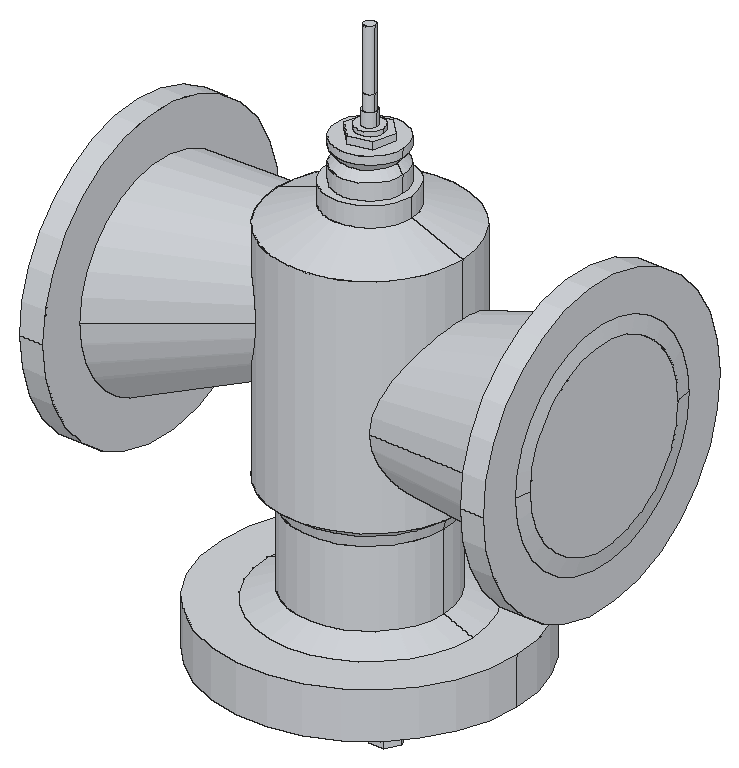
Revit family "2FGB-B_PN16_DN100_RFA_2018", category Pipe Accessories, Revit 2018
Family settings
  Round Connector Dimension = Use Diameter
  Part Type = Valve - Breaks Into
  Work Plane-Based = No
  Always vertical = Yes
  Cut with Voids When Loaded = No
  Shared = No
Parameters (values of type "2FGB-B PN16 DN100")
  magiProductId = ""
  magiProductFamilyId = ""
  magiPartTypeId = 306
  isMeasuringValve [instance] = no
  ang2D [instance] = 0.00°
  Z9 = 4.165 mm
  Z8 = 5.602 mm
  Z7 = 3 mm
  Z6 = 5.95 mm
  Z5 = 5.95 mm
  Z4 = 11.9 mm
  Z3 = 168.575 mm
  Z19 = 9.767 mm
  Z15 = 40.775 mm
  Z14__ve = -Z14  # -14.562 mm
  Z14 = 14.562 mm
  Z13 = 8.12 mm
  Z12 = 56.84 mm
  Z10 = 5.082 mm
  X4 = 34.6 mm
  X2__ve = -X2  # -17.3 mm
  X2 = 17.3 mm
  X1 = 2 mm
  W2D = 100 mm
  VersionID = ""
  Use Minimum Symbol Size [instance] = yes
  URL = "www.hydronix.cz"
  Type Comments = "Přírubový; EQM charakteristika; PN16; -10~+150°C; tlakově vyvážená kuželka"
  R9 = 4 mm
  R7 = 10.089 mm
  R6 = 16.816 mm
  R5 = 19.93 mm
  R4 = 24.912 mm
  R3 = 31.14 mm
  R2 = 57.375 mm
  R13 = 55.08 mm
  R12 = 5.297 mm
  R1 = 45.9 mm
  QmdConnectorList = "301;D;302;D"
  Productdata [instance] = "2FGB100B (DN100; PN16; kvs130; tlakově vyvážená kuželka)"
  Manufacturer = "Hydronix"
  Maintenance Zone Under Depth [instance] = 207 mm
  Maintenance Zone Right Depth [instance] = 175 mm
  Maintenance Zone Over Depth [instance] = 221 mm
  Maintenance Zone Left Depth [instance] = 175 mm
  Maintenance Zone Front Depth [instance] = 110 mm
  Maintenance Zone Back Depth [instance] = 110 mm
  Maintenance Zone Front Visibility [instance] = no
  LT2 = 175 mm
  L2D_Min = 3048 mm
  L2D = 350 mm
  HCDT2 = 76.5 mm
  H4 = 207 mm
  H3 = 116.5 mm
  H2 = 45 mm
  FDT2 = 110 mm
  Description = "2 cestný regulační ventil přírubový; DN100; PN16; kvs130; zdvih 45mm"
  D4 = 68.85 mm
  D3 = 81 mm
  D2 = 69.2 mm
  D = 100 mm
  CenSd_R6_6 = R6 * cos(30.00°)  # 14.563 mm
  CenSd_A_6 = A * cos(30.00°)  # 9.526 mm
  Clearance Zone Height Depth [instance] = 221 mm
  CZONC [instance] = 175 mm
  Clearance Zone Visibility [instance] = no
  B1 = 63.64 mm
  A = 11 mm
Types (5, lengths in mm): name | Z9 | Z8 | Z6 | Z5 | Z4 | Z3 | Z19 | Z15 | Z14__ve | Z14 | Z13 | Z12 | Z10 | X4 | X2__ve | X2 | W2D | R7 | R6 | R5 | R4 | R3 | R2 | R13 | R12 | R1 | Productdata | LT2 | L2D | HCDT2 | H4 | H3 | H2 | FDT2 | Description | D4 | D3 | D2 | D | CenSd_R6_6 | CenSd_A_6 | B1 | A
  2FGB-B PN16 DN100 | 4.165 | 5.602 | 5.95 | 5.95 | 11.9 | 168.575 | 9.767 | 40.775 | -14.562 | 14.562 | 8.12 | 56.84 | 5.082 | 34.6 | -17.3 | 17.3 | 100 | 10.089 | 16.816 | 19.93 | 24.912 | 31.14 | 57.375 | 55.08 | 5.297 | 45.9 | "2FGB100B (DN100; PN16; kvs130; tlakově vyvážená kuželka)" | 175 | 350 | 76.5 | 207 | 116.5 | 45 | 110 | "2 cestný regulační ventil přírubový; DN100; PN16; kvs130; zdvih 45mm" | 68.85 | 81 | 69.2 | 100 | 14.563 | 9.526 | 63.64 | 11
  2FGB-B PN16 DN080 | 4.2 | 5.7 | 6 | 6 | 12 | 151.95 | 9.9 | 36.75 | -13.125 | 13.125 | 7.32 | 51.24 | 5.1 | 30.6 | -15.3 | 15.3 | 80 | 8.923 | 14.872 | 17.626 | 22.032 | 27.54 | 49.875 | 47.88 | 4.685 | 39.9 | "2FGB80B (DN80; PN16; kvs100; tlakově vyvážená kuželka)" | 155 | 310 | 66.5 | 187 | 105 | 45 | 100 | "2 cestný regulační ventil přírubový; DN80; PN16; kvs100; zdvih 45mm" | 60.35 | 71 | 61.2 | 80 | 12.879 | 8.66 | 56.569 | 10
  2FGB-B PN16 DN065 | 4.2 | 5.7 | 6 | 6 | 12 | 139.45 | 9.9 | 33.25 | -11.875 | 11.875 | 6.82 | 47.74 | 5.1 | 28.6 | -14.3 | 14.3 | 65 | 8.34 | 13.9 | 16.474 | 20.592 | 25.74 | 44.25 | 42.48 | 4.378 | 35.4 | "2FGB65B (DN65; PN16; kvs63; tlakově vyvážená kuželka)" | 145 | 290 | 59 | 175 | 95 | 25 | 92.5 | "2 cestný regulační ventil přírubový; DN65; PN16; kvs63; zdvih 25mm" | 53.975 | 63.5 | 57.2 | 65 | 12.037 | 8.011 | 51.265 | 9.25
  2FGB-B PN16 DN150 | 4.2 | 5.7 | 6 | 6 | 12 | 227.45 | 9.9 | 54.95 | -19.625 | 19.625 | 10.97 | 76.79 | 5.1 | 47.6 | -23.8 | 23.8 | 150 | 13.88 | 23.134 | 27.418 | 34.272 | 42.84 | 77.625 | 74.52 | 7.287 | 62.1 | "2FGB150B (DN150; PN16; kvs300; tlakově vyvážená kuželka)" | 240 | 480 | 103.5 | 277 | 157 | 45 | 142.5 | "2 cestný regulační ventil přírubový; DN150; PN16; kvs300; zdvih 45mm" | 92.65 | 109 | 95.2 | 150 | 20.034 | 12.341 | 84.853 | 14.25
  2FGB-B PN16 DN125 | 4.2 | 5.7 | 6 | 6 | 12 | 196.45 | 9.9 | 48.65 | -17.375 | 17.375 | 9.22 | 64.54 | 5.1 | 39.6 | -19.8 | 19.8 | 125 | 11.547 | 19.246 | 22.81 | 28.512 | 35.64 | 68.625 | 65.88 | 6.062 | 54.9 | "2FGB125B (DN125; PN16; kvs200; tlakově vyvážená kuželka)" | 200 | 400 | 91.5 | 234 | 139 | 45 | 125 | "2 cestný regulační ventil přírubový; DN125; PN16; kvs200; zdvih 45mm" | 81.6 | 96 | 79.2 | 125 | 16.667 | 10.825 | 74.246 | 12.5
Reference planes
  plane 1 "Center (Front/Back)": y = 0
  plane 2 "XYPLANE": z = 0
  plane 3 "Center (Left/Right)": x = 0
  plane 4 "234": y = -63.64
  plane 5 "233": x = 63.64
  plane 6 "232": x = -63.64
  plane 7 "231": y = 63.64
  plane 8 "225": z = -197
  plane 9 "223": z = 221
  plane 10 "221": x = -175
  plane 11 "220": x = 175
  plane 12 "219": y = -110
  plane 13 "218": y = 110
  plane 14 "196": z = -207
  plane 15 "182": z = 176
  plane 16 "161": z = 164.1
  plane 17 "158": z = 158.498
  plane 18 "150": z = 154.333
  plane 19 "148": z = 151.333
  plane 20 "142": z = 146.25
  plane 21 "136": z = 140.3
  plane 22 "135": z = 134.35
  plane 23 "131": z = 128.4
  plane 24 "78": z = 87.375
  plane 25 "77": z = 101.937
  plane 26 "74": z = 116.5
  plane 27 "70": z = -81.2
  plane 28 "65": z = -89.32
  plane 29 "64": z = -97.44
  plane 30 "58": z = -154.28
  plane 31 "57": z = -162.4
  plane 32 "46": z = -207
  plane 33 "28": x = 155.7
  plane 34 "27": x = 173
  plane 35 "21": z = -20
  plane 36 "16": z = 40.775
  plane 37 "13": x = -155.7
  plane 38 "7": x = -173
  plane 39 "6": x = 175
  plane 40 "5": x = -175
  plane 41 "3": y = 0
  plane 42 "2": z = 0
  plane 43 "1": x = 0
Forms (mm)
  Extrusion 1, solid
    sketch origin (-750, 0, -207) x (1, 0, 0) y (0, 1, 0)
      loop
        line (824.64, -63.64) -> (819.14, -54.113) -> (808.14, -54.113) -> (802.64, -63.64) -> (808.14, -73.166) -> (819.14, -73.166) -> (824.64, -63.64)
    from 0 to 10
  Extrusion 2, solid
    sketch origin (-750, 0, -207) x (1, 0, 0) y (0, 1, 0)
      loop
        line (697.36, -63.64) -> (691.86, -54.113) -> (680.86, -54.113) -> (675.36, -63.64) -> (680.86, -73.166) -> (691.86, -73.166) -> (697.36, -63.64)
    from 0 to 10
  Extrusion 3, solid
    sketch origin (-750, 0, -207) x (1, 0, 0) y (0, 1, 0)
      loop
        line (824.64, 63.64) -> (819.14, 73.166) -> (808.14, 73.166) -> (802.64, 63.64) -> (808.14, 54.113) -> (819.14, 54.113) -> (824.64, 63.64)
    from 0 to 10
  Extrusion 4, solid
    sketch origin (-750, 0, -207) x (1, 0, 0) y (0, 1, 0)
      loop
        line (697.36, 63.64) -> (691.86, 73.166) -> (680.86, 73.166) -> (675.36, 63.64) -> (680.86, 54.113) -> (691.86, 54.113) -> (697.36, 63.64)
    from 0 to 10
  Blend 5, solid, visible <- "Maintenance Zone Front Visibility"
    base sketch origin (-750, 0, 221) x (1, 0, 0) y (0, 1, 0)
      loop
        line (575, 110) -> (575, -110) -> (925, -110) -> (925, 110) -> (575, 110)
    top sketch origin (-750, 0, 221) x (1, 0, 0) y (0, 1, 0)
      loop
        line (575, 110) -> (575, -110) -> (925, -110) -> (925, 110) -> (575, 110)
    from 0 to -428
  Extrusion 6, solid, visible <- "Clearance Zone Visibility"
    sketch origin (-750, 0, 0) x (1, 0, 0) y (0, 1, 0)
      loop
        circle (750, 0) r 175
    from 0 to 221 <- "Clearance Zone Height Depth"
  Extrusion 7, solid
    sketch origin (-750, 0, 154.333) x (1, 0, 0) y (0, 1, 0)
      loop
        circle (750, 0) r 5.297
    from 0 to 9.767 <- "Z19"
  Extrusion 8, solid
    sketch origin (-750, 0, 176) x (1, 0, 0) y (0, 1, 0)
      loop
        circle (750, 0) r 4
    from 0 to 45 <- "H2"
  Extrusion 9, solid
    sketch origin (-750, 0, 164.1) x (1, 0, 0) y (0, 1, 0)
      loop
        circle (750, 0) r 4
    from 0 to 11.9 <- "Z4"
  Extrusion 10, solid
    sketch origin (-750, 0, 151.333) x (1, 0, 0) y (0, 1, 0)
      loop
        circle (750, 0) r 10.089
    from 0 to 3 <- "Z7"
  Extrusion 11, solid
    sketch origin (-750, 0, 146.25) x (1, 0, 0) y (0, 1, 0)
      loop
        line (761.89, -11.89) -> (766.243, 4.352) -> (754.352, 16.243) -> (738.11, 11.89) -> (733.757, -4.352) -> (745.648, -16.243) -> (761.89, -11.89)
    from 0 to 5.082 <- "Z10"
  Extrusion 12, solid
    sketch origin (-750, 0, 140.3) x (1, 0, 0) y (0, 1, 0)
      loop
        circle (750, 0) r 24.912
    from 0 to 5.95 <- "Z6"
  Blend 13, solid
    base sketch origin (-750, 0, 134.35) x (1, 0, 0) y (0, 1, 0)
      loop
        circle (750, 0) r 19.93
    top sketch origin (-750, 0, 134.35) x (1, 0, 0) y (0, 1, 0)
      loop
        circle (750, 0) r 24.912
    from 0 to 5.95
  Blend 14, solid
    base sketch origin (-750, 0, 128.4) x (1, 0, 0) y (0, 1, 0)
      loop
        circle (750, 0) r 24.912
    top sketch origin (-750, 0, 128.4) x (1, 0, 0) y (0, 1, 0)
      loop
        circle (750, 0) r 19.93
    from 0 to 5.95
  Extrusion 15, solid
    sketch origin (-750, 0, 116.5) x (1, 0, 0) y (0, 1, 0)
      loop
        circle (750, 0) r 24.912
    from 0 to 11.9 <- "Z4"
  Extrusion 16, solid
    sketch origin (-750, 0, 116.5) x (1, 0, 0) y (0, 1, 0)
      loop
        circle (750, 0) r 31.14
    from 0 to -14.562 <- "Z14__ve"
  Blend 17, solid
    base sketch origin (-750, 0, 87.375) x (1, 0, 0) y (0, 1, 0)
      loop
        circle (750, 0) r 69.2
    top sketch origin (-750, 0, 87.375) x (1, 0, 0) y (0, 1, 0)
      loop
        circle (750, 0) r 31.14
    from 0 to 14.563
  Blend 18, solid
    base sketch origin (-750, 0, -89.32) x (1, 0, 0) y (0, 1, 0)
      loop
        circle (750, 0) r 57.375
    top sketch origin (-750, 0, -89.32) x (1, 0, 0) y (0, 1, 0)
      loop
        circle (750, 0) r 69.2
    from 0 to 8.12
  Blend 19, solid
    base sketch origin (-750, 0, -97.44) x (1, 0, 0) y (0, 1, 0)
      loop
        circle (750, 0) r 55.08
    top sketch origin (-750, 0, -97.44) x (1, 0, 0) y (0, 1, 0)
      loop
        circle (750, 0) r 57.375
    from 0 to 8.12
  Extrusion 20, solid
    sketch origin (-750, 0, -154.28) x (1, 0, 0) y (0, 1, 0)
      loop
        circle (750, 0) r 55.08
    from 0 to 56.84 <- "Z12"
  Blend 21, solid
    base sketch origin (-750, 0, -162.4) x (1, 0, 0) y (0, 1, 0)
      loop
        circle (750, 0) r 76.5
    top sketch origin (-750, 0, -162.4) x (1, 0, 0) y (0, 1, 0)
      loop
        circle (750, 0) r 55.08
    from 0 to 8.12
  Extrusion 22, solid
    sketch origin (-750, 0, -197) x (1, 0, 0) y (0, 1, 0)
      loop
        circle (750, 0) r 110
    from 0 to 34.6 <- "X4"
  Blend 23, solid
    base sketch origin (173, -750, 0) x (0, 1, 0) y (0, 0, 1)
      loop
        circle (750, 0) r 81
    top sketch origin (173, -750, 0) x (0, 1, 0) y (0, 0, 1)
      loop
        circle (750, 0) r 68.85
    from 0 to 2
  Blend 24, solid
    base sketch origin (-175, -750, 0) x (0, 1, 0) y (0, 0, 1)
      loop
        circle (750, 0) r 68.85
    top sketch origin (-175, -750, 0) x (0, 1, 0) y (0, 0, 1)
      loop
        circle (750, 0) r 81
    from 0 to 2
  Extrusion 25, solid
    sketch origin (173, -750, 0) x (0, 1, 0) y (0, 0, 1)
      loop
        circle (750, 0) r 110
    from 0 to -17.3 <- "X2__ve"
  Blend 26, solid
    base sketch origin (0, -750, 0) x (0, 1, 0) y (0, 0, 1)
      loop
        circle (750, -20) r 45.9
    top sketch origin (0, -750, 0) x (0, 1, 0) y (0, 0, 1)
      loop
        circle (750, 0) r 76.5
    from 0 to 155.7
  Extrusion 27, solid
    sketch origin (-750, 0, -81.2) x (1, 0, 0) y (0, 1, 0)
      loop
        circle (750, 0) r 69.2
    from 0 to 168.575 <- "Z3"
  Blend 28, solid
    base sketch origin (-155.7, -750, 0) x (0, 1, 0) y (0, 0, 1)
      loop
        circle (750, 0) r 76.5
    top sketch origin (-155.7, -750, 0) x (0, 1, 0) y (0, 0, 1)
      loop
        circle (750, 40.775) r 45.9
    from 0 to 155.7
  Extrusion 29, solid
    sketch origin (-173, -750, 0) x (0, 1, 0) y (0, 0, 1)
      loop
        circle (750, 0) r 110
    from 0 to 17.3 <- "X2"
  Extrusion 30, solid, not visible
    sketch origin (175, -750, 0) x (0, 1, 0) y (0, 0, 1)
      loop
        circle (750, 0) r 10
    from 0 to -10
  Extrusion 31, solid, not visible
    sketch origin (-175, -750, 0) x (0, 1, 0) y (0, 0, 1)
      loop
        circle (750, 0) r 10
    from 0 to 10
Lines and regions (mm)
  reference lines, not visible
    curve 1: circle (2, 2, 0) r 1 normal (0, 0, 1)
  reference lines
    curve 2: line (63.64, -63.64, -207) -> (60.89, -58.876, -207)
    curve 3: line (63.64, -63.64, -207) -> (58.14, -63.64, -207)
    curve 4: line (63.64, -63.64, -207) -> (60.89, -68.403, -207)
    curve 5: line (-63.64, -63.64, -207) -> (-66.39, -58.876, -207)
    curve 6: line (-63.64, -63.64, -207) -> (-69.14, -63.64, -207)
    curve 7: line (-63.64, -63.64, -207) -> (-66.39, -68.403, -207)
    curve 8: line (63.64, 63.64, -207) -> (60.89, 68.403, -207)
    curve 9: line (63.64, 63.64, -207) -> (58.14, 63.64, -207)
    curve 10: line (63.64, 63.64, -207) -> (60.89, 58.876, -207)
    curve 11: line (-63.64, 63.64, -207) -> (-66.39, 68.403, -207)
    curve 12: line (-63.64, 63.64, -207) -> (-69.14, 63.64, -207)
    curve 13: line (-63.64, 63.64, -207) -> (-66.39, 58.876, -207)
    curve 14: line (0, 0, 146.25) -> (2.176, 8.121, 146.25)
    curve 15: line (0, 0, 146.25) -> (-5.945, 5.945, 146.25)
    curve 16: line (0, 0, 146.25) -> (-8.121, -2.176, 146.25)
Dimensions and locks
  plane 1 "Center (Front/Back)" to curve 1 = 2 mm
  "B1": plane 1 "Center (Front/Back)" to plane 4 "234"
  "B1": plane 3 "Center (Left/Right)" to plane 5 "233"
  "B1": plane 3 "Center (Left/Right)" to plane 6 "232"
  "B1": plane 1 "Center (Front/Back)" to plane 7 "231"
  locked: plane 32 "46" to plane 8 "225" at 10
  "Maintenance Zone Over Depth": plane 2 "XYPLANE" to plane 9 "223"
  "Maintenance Zone Left Depth": plane 3 "Center (Left/Right)" to plane 10 "221"
  "Maintenance Zone Right Depth": plane 3 "Center (Left/Right)" to plane 11 "220"
  "Maintenance Zone Front Depth": plane 1 "Center (Front/Back)" to plane 12 "219"
  "Maintenance Zone Back Depth": plane 1 "Center (Front/Back)" to plane 13 "218"
  "Maintenance Zone Under Depth": plane 2 "XYPLANE" to plane 14 "196"
  "Z4": plane 16 "161" to plane 15 "182"
  "Z8": plane 17 "158" to plane 16 "161"
  "Z9": plane 18 "150" to plane 17 "158"
  "Z7": plane 19 "148" to plane 18 "150"
  "Z10": plane 20 "142" to plane 19 "148"
  "Z6": plane 21 "136" to plane 20 "142"
  "Z5": plane 22 "135" to plane 21 "136"
  "Z5": plane 23 "131" to plane 22 "135"
  "Z4": plane 26 "74" to plane 23 "131"
  "Z14": plane 25 "77" to plane 24 "78"
  "Z14": plane 26 "74" to plane 25 "77"
  "H3": plane 2 "XYPLANE" to plane 26 "74"
  "Z13": plane 28 "65" to plane 27 "70"
  "Z13": plane 29 "64" to plane 28 "65"
  "Z12": plane 30 "58" to plane 29 "64"
  "Z13": plane 31 "57" to plane 30 "58"
  "X4": plane 8 "225" to plane 31 "57"
  "H4": plane 2 "XYPLANE" to plane 32 "46"
  "X2": plane 34 "27" to plane 33 "28"
  "X1": plane 39 "6" to plane 34 "27"
  locked: plane 42 "2" to plane 35 "21" at 20
  "Z15": plane 42 "2" to plane 36 "16"
  "X2": plane 38 "7" to plane 37 "13"
  "X1": plane 40 "5" to plane 38 "7"
  "LT2": plane 3 "Center (Left/Right)" to plane 39 "6"
  "LT2": plane 3 "Center (Left/Right)" to plane 40 "5"
  locked: plane 1 "Center (Front/Back)" to plane 41 "3"
  locked: plane 2 "XYPLANE" to plane 42 "2"
  locked: plane 3 "Center (Left/Right)" to plane 43 "1"
  "CenSd_A_6": curve 2 to Extrusion 1 sketch curve  (x2)
  "CenSd_A_6": curve 3 to Extrusion 1 sketch curve  (x2)
  "CenSd_A_6": curve 4 to Extrusion 1 sketch curve  (x2)
  "CenSd_A_6": curve 5 to Extrusion 2 sketch curve  (x2)
  "CenSd_A_6": curve 6 to Extrusion 2 sketch curve  (x2)
  "CenSd_A_6": curve 7 to Extrusion 2 sketch curve  (x2)
  "CenSd_A_6": curve 8 to Extrusion 3 sketch curve  (x2)
  "CenSd_A_6": curve 9 to Extrusion 3 sketch curve  (x2)
  "CenSd_A_6": curve 10 to Extrusion 3 sketch curve  (x2)
  "CenSd_A_6": curve 11 to Extrusion 4 sketch curve  (x2)
  "CenSd_A_6": curve 12 to Extrusion 4 sketch curve  (x2)
  "CenSd_A_6": curve 13 to Extrusion 4 sketch curve  (x2)
  "CenSd_R6_6": curve 14 to Extrusion 11 sketch curve  (x2)
  "CenSd_R6_6": curve 15 to Extrusion 11 sketch curve  (x2)
  "CenSd_R6_6": curve 16 to Extrusion 11 sketch curve  (x2)
  "CZONC": radius of Extrusion 6 sketch curve
  "R12": radius of Extrusion 7 sketch curve
  "R9": radius of Extrusion 8 sketch curve
  "R9": radius of Extrusion 9 sketch curve
  "R7": radius of Extrusion 10 sketch curve
  "R4": radius of Extrusion 12 sketch curve
  "R4": radius of Blend 13 sketch curve
  "R5": radius of Blend 13 sketch curve
  "R5": radius of Blend 14 sketch curve
  "R4": radius of Blend 14 sketch curve
  "R4": radius of Extrusion 15 sketch curve
  "R3": radius of Extrusion 16 sketch curve
  "R3": radius of Blend 17 sketch curve
  "D2": radius of Blend 17 sketch curve
  "D2": radius of Blend 18 sketch curve
  "R2": radius of Blend 18 sketch curve
  "R2": radius of Blend 19 sketch curve
  "R13": radius of Blend 19 sketch curve
  "R13": radius of Extrusion 20 sketch curve
  "R13": radius of Blend 21 sketch curve
  "HCDT2": radius of Blend 21 sketch curve
  "FDT2": radius of Extrusion 22 sketch curve
  "D4": radius of Blend 23 sketch curve
  "D3": radius of Blend 23 sketch curve
  "D3": radius of Blend 24 sketch curve
  "D4": radius of Blend 24 sketch curve
  "FDT2": radius of Extrusion 25 sketch curve
  "HCDT2": radius of Blend 26 sketch curve
  "R1": radius of Blend 26 sketch curve
  "D2": radius of Extrusion 27 sketch curve
  "R1": radius of Blend 28 sketch curve
  "HCDT2": radius of Blend 28 sketch curve
  "FDT2": radius of Extrusion 29 sketch curve
  locked: curve 3 to curve 2 (angle 60.00°)
  locked: curve 4 to curve 3 (angle 60.00°)
  locked: curve 4 to curve 2 (angle 120.00°)
  locked: curve 6 to curve 5 (angle 60.00°)
  locked: curve 7 to curve 6 (angle 60.00°)
  locked: curve 7 to curve 5 (angle 120.00°)
  locked: curve 9 to curve 8 (angle 60.00°)
  locked: curve 10 to curve 9 (angle 60.00°)
  locked: curve 10 to curve 8 (angle 120.00°)
  locked: curve 12 to curve 11 (angle 60.00°)
  locked: curve 13 to curve 12 (angle 60.00°)
  locked: curve 13 to curve 11 (angle 120.00°)
  locked: curve 15 to curve 14 (angle 60.00°)
  locked: curve 16 to curve 15 (angle 60.00°)
  locked: curve 16 to curve 14 (angle 120.00°)
  aligned and locked: level to plane 2 "XYPLANE"
  aligned and locked: plane 4 "234" to curve 2
  aligned and locked: plane 5 "233" to curve 2
  aligned and locked: plane 4 "234" to curve 5
  aligned and locked: plane 6 "232" to curve 5
  aligned and locked: plane 5 "233" to curve 8
  aligned and locked: plane 7 "231" to curve 8
  aligned and locked: plane 6 "232" to curve 11
  aligned and locked: plane 7 "231" to curve 11
  aligned and locked: plane 13 "218" to Blend 5 sketch curve  (x4)
  aligned and locked: plane 12 "219" to Blend 5 sketch curve  (x4)
  aligned and locked: plane 10 "221" to Blend 5 sketch curve  (x4)
  aligned and locked: plane 11 "220" to Blend 5 sketch curve  (x4)
  aligned and locked: Blend 5 to plane 14 "196"
  aligned and locked: plane 41 "3" to Extrusion 6 sketch curve
  aligned and locked: plane 43 "1" to Extrusion 6 sketch curve
  aligned and locked: plane 41 "3" to Extrusion 7 sketch curve
  aligned and locked: plane 43 "1" to Extrusion 7 sketch curve
  aligned and locked: plane 41 "3" to Extrusion 8 sketch curve
  aligned and locked: plane 43 "1" to Extrusion 8 sketch curve
  aligned and locked: plane 41 "3" to Extrusion 9 sketch curve
  aligned and locked: plane 43 "1" to Extrusion 9 sketch curve
  aligned and locked: plane 41 "3" to Extrusion 10 sketch curve
  aligned and locked: plane 43 "1" to Extrusion 10 sketch curve
  aligned and locked: plane 41 "3" to curve 14
  aligned and locked: plane 43 "1" to curve 14
  aligned and locked: plane 41 "3" to Extrusion 12 sketch curve
  aligned and locked: plane 43 "1" to Extrusion 12 sketch curve
  aligned and locked: plane 41 "3" to Blend 13 sketch curve  (x2)
  aligned and locked: plane 43 "1" to Blend 13 sketch curve  (x2)
  aligned and locked: plane 21 "136" to Blend 13
  aligned and locked: plane 41 "3" to Blend 14 sketch curve  (x2)
  aligned and locked: plane 43 "1" to Blend 14 sketch curve  (x2)
  aligned and locked: plane 22 "135" to Blend 14
  aligned and locked: plane 41 "3" to Extrusion 15 sketch curve
  aligned and locked: plane 43 "1" to Extrusion 15 sketch curve
  aligned and locked: plane 41 "3" to Extrusion 16 sketch curve
  aligned and locked: plane 43 "1" to Extrusion 16 sketch curve
  aligned and locked: plane 41 "3" to Blend 17 sketch curve  (x2)
  aligned and locked: plane 43 "1" to Blend 17 sketch curve  (x2)
  aligned and locked: plane 25 "77" to Blend 17
  aligned and locked: plane 41 "3" to Blend 18 sketch curve  (x2)
  aligned and locked: plane 43 "1" to Blend 18 sketch curve  (x2)
  aligned and locked: plane 27 "70" to Blend 18
  aligned and locked: plane 41 "3" to Blend 19 sketch curve  (x2)
  aligned and locked: plane 43 "1" to Blend 19 sketch curve  (x2)
  aligned and locked: plane 28 "65" to Blend 19
  aligned and locked: plane 41 "3" to Extrusion 20 sketch curve
  aligned and locked: plane 43 "1" to Extrusion 20 sketch curve
  aligned and locked: plane 41 "3" to Blend 21 sketch curve  (x2)
  aligned and locked: plane 43 "1" to Blend 21 sketch curve  (x2)
  aligned and locked: plane 30 "58" to Blend 21
  aligned and locked: plane 41 "3" to Extrusion 22 sketch curve
  aligned and locked: plane 43 "1" to Extrusion 22 sketch curve
  aligned and locked: Blend 23 sketch curve to plane 41 "3"  (x2)
  aligned and locked: plane 42 "2" to Blend 23 sketch curve  (x2)
  aligned and locked: plane 39 "6" to Blend 23
  aligned and locked: Blend 24 sketch curve to plane 41 "3"  (x2)
  aligned and locked: plane 42 "2" to Blend 24 sketch curve  (x2)
  aligned and locked: plane 38 "7" to Blend 24
  aligned and locked: Extrusion 25 sketch curve to plane 41 "3"
  aligned and locked: plane 42 "2" to Extrusion 25 sketch curve
  aligned and locked: Blend 26 sketch curve to plane 41 "3"  (x2)
  aligned and locked: plane 42 "2" to Blend 26 sketch curve
  aligned and locked: plane 35 "21" to Blend 26 sketch curve
  aligned and locked: plane 33 "28" to Blend 26
  aligned and locked: plane 41 "3" to Extrusion 27 sketch curve
  aligned and locked: plane 43 "1" to Extrusion 27 sketch curve
  aligned and locked: plane 36 "16" to Blend 28 sketch curve
  aligned and locked: plane 41 "3" to Blend 28 sketch curve
  aligned and locked: Blend 28 sketch curve to plane 41 "3"
  aligned and locked: plane 42 "2" to Blend 28 sketch curve
  aligned and locked: plane 43 "1" to Blend 28
  aligned and locked: Extrusion 29 sketch curve to plane 41 "3"
  aligned and locked: plane 42 "2" to Extrusion 29 sketch curve
  aligned and locked: Extrusion 30 sketch curve to plane 41 "3"
  aligned and locked: plane 42 "2" to Extrusion 30 sketch curve
  aligned and locked: Extrusion 31 sketch curve to plane 41 "3"
  aligned and locked: plane 42 "2" to Extrusion 31 sketch curve
Automatic sketch dimensions
  plane 1 "Center (Front/Back)" to curve 16 = 2.176 mm
  plane 1 "Center (Front/Back)" to Extrusion 30 sketch curve = 10 mm
  plane 1 "Center (Front/Back)" to Extrusion 31 sketch curve = 10 mm
  plane 3 "Center (Left/Right)" to curve 1 = 2 mm
  radius of curve 1 = 1 mm
Connectors
  piping at (-175, 0, 0), diameter 100, driven by "D"
    settings: on Extrusion 31, index 1, connector inside diameter 609.6 mm, connector length 0 mm, flow factor 0, pipe flow 0.0 L/s, pressure drop 0.0 Pa, fitting loss kfactor 0, connector angle 0.00°, fixture units 0, engagement length 0 mm, angle of deflection 0.00°, flow configuration 0, flow direction 0, fitting loss method 0, system type 29, joint type 0, gender type 0, connector reference index 2, connector utility 0, adjustable connector no, is connector primary yes, connector description ""
  piping at (175, 0, 0), diameter 100, driven by "D"
    settings: on Extrusion 30, index 2, connector inside diameter 609.6 mm, connector length 0 mm, flow factor 0, pipe flow 0.0 L/s, pressure drop 0.0 Pa, fitting loss kfactor 0, connector angle 0.00°, fixture units 0, engagement length 0 mm, angle of deflection 0.00°, flow configuration 0, flow direction 0, fitting loss method 0, system type 29, joint type 0, gender type 0, connector reference index 1, connector utility 0, adjustable connector no, is connector primary no, connector description ""
